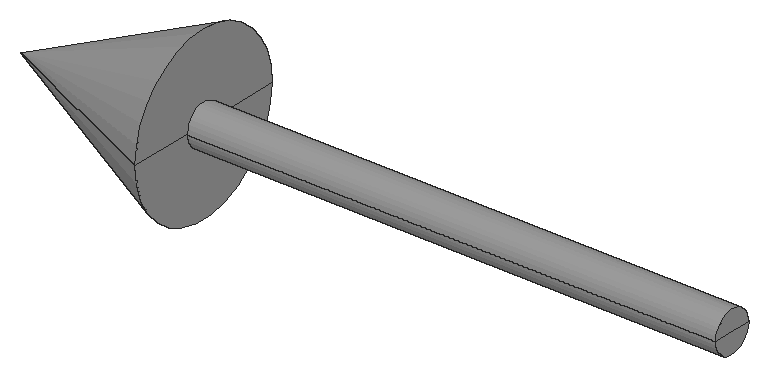
Revit family "NLRS_57_AIR_UN_airflow-arrow-open-end-round-duct-in_sacs", category Air Terminals, Revit 2021
Family settings
  Round Connector Dimension = Use Diameter
  Part Type = Normal
  Work Plane-Based = No
  Always vertical = Yes
  Cut with Voids When Loaded = No
  Shared = No
  Room Calculation Point = No
Parameters (values of type "Size 1")
  URL = "https://solid-air.nl/bim/"
  Size_multiplier = 1
  SACS_Show_Part_2 [instance] = not(SACS_Show_Part_1)  # no
  SACS_Show_Part_1 [instance] = SACS_Array_Count = 1  # yes
  SACS_Offset2 [instance] = SACS_Offset1 * 2  # 50 mm
  SACS_Offset1 [instance] = (NLRS_M_c01_diameter / SACS_Checked_Array_Count) / 2  # 25 mm
  SACS_Checked_Array_Count [instance] = if(SACS_Array_Count < 2, 2, SACS_Array_Count)  # 2
  SACS_Array_Count [instance] = NLRS_M_c01_diameter / (100 mm * Size_multiplier)  # 1
  NLRS_M_c01_diameter [instance] = 100 mm
  NLRS_M_c01_debiet [instance] = 0.0 L/s
  NLRS_C_model = "Airflow arrow - duct IN"  # constant formula
  NLRS_C_description = "Round open end, airflow duct IN"  # constant formula
  NLRS_C_content_versie = "1.21.01"  # constant formula
  NLRS_C_content_provider = "Solid Air Climate Systems"  # constant formula
  NLRS_C_content_datum_uitgifte = "28-05-2024"  # constant formula
  NLRS_C_content_creator = "J. Feeke"  # constant formula
  Model = "Airflow arrow - duct IN"  # constant formula
  Manufacturer = "Solid Air Climate Systems"  # constant formula
  IfcExportType = "OPEN END"  # constant formula
  IfcExportAs = "IfcAirTerminal"  # constant formula
  IfcDescription = Description  # "Round open end, airflow duct IN"
  Description = "Round open end, airflow duct IN"  # constant formula
  Default Elevation = 0 mm
  Assembly Code = "57.00"
Types (4, lengths in mm): name | Size_multiplier | SACS_Show_Part_2 | SACS_Show_Part_1 | SACS_Offset2 | SACS_Offset1 | SACS_Checked_Array_Count | SACS_Array_Count | NLRS_M_c01_diameter
  (no name) | 1 | no | yes | 50 | 25 | 2 | 1 | 100
  Size 1 | 1 | no | yes | 50 | 25 | 2 | 1 | 100
  Size 1.5 | 1.5 | yes | no | 157.5 | 78.75 | 4 | 4 | 630
  Size 2 | 2 | yes | no | 210 | 105 | 3 | 3 | 630
Reference planes
  plane 1 "Center (Front/Back)": y = 0
  plane 2: z = 0
  plane 3 "Center (Left/Right)": x = 0
  plane 4: y = -50
  plane 5: y = 50
  plane 6: y = -25
  plane 7: y = 25
Forms (mm)
  Extrusion 1, solid, not visible
    sketch origin (0, 0, 0) x (0, 1, 0) y (0, 0, 1)
      loop
        circle (0, 0) r 1
    from 0 to -1
  Extrusion 2, solid, material "SACS_Label", not visible
    sketch origin (-547.644, -297.937, 0) x (1, 0, 0) y (0, 1, 0)
      loop
        arc (542.644, 302.937) -> (537.644, 297.937) -> (542.644, 292.937) r 5
        line (542.644, 292.937) -> (542.644, 297.937) -> (547.644, 292.937) -> (547.644, 297.937) -> (542.644, 302.937)
    from 0 to 2
  Extrusion 3, solid, material "SACS_Label", not visible
    sketch origin (0, 0, 0) x (1, 0, 0) y (0, 1, 0)
      loop
        arc (5, -5) -> (10, 0) -> (5, 5) r 5
        line (5, 5) -> (5, 0) -> (0, 5) -> (0, 0) -> (5, -5)
    from 0 to 2
Dimensions and locks
  equal spacing: plane 5, plane 1 "Center (Front/Back)", plane 4
  "NLRS_M_c01_diameter": plane 5 to plane 4
  "SACS_Offset1": plane 6 to plane 4
  group 1 to group 2 = 0 mm  (x2)
  group 1 to group 2 = 50 mm
  "SACS_Offset2": plane 7 to plane 6
  aligned and locked: level to plane 2
  aligned and locked: Extrusion 1 to plane 3 "Center (Left/Right)"
  aligned and locked: level to nested 2
  aligned and locked: plane 3 "Center (Left/Right)" to nested 3
  aligned and locked: plane 1 "Center (Front/Back)" to nested 3
Automatic sketch dimensions
  Extrusion 1 sketch curve to level = 0 mm
  Extrusion 1 sketch curve to plane 1 "Center (Front/Back)" = 0 mm
  plane 1 "Center (Front/Back)" to Extrusion 2 sketch curve = 0 mm  (x3)
  Extrusion 2 sketch curve to plane 3 "Center (Left/Right)" = 0 mm
  Extrusion 2 sketch curve to plane 3 "Center (Left/Right)" = 5 mm
  Extrusion 2 sketch curve to Extrusion 2 sketch curve = 5 mm
  Extrusion 2 sketch curve to Extrusion 2 sketch curve = 0 mm
  plane 1 "Center (Front/Back)" to Extrusion 3 sketch curve = 0 mm  (x3)
  Extrusion 3 sketch curve to plane 3 "Center (Left/Right)" = 0 mm
  Extrusion 3 sketch curve to Extrusion 3 sketch curve = 5 mm  (x2)
  Extrusion 3 sketch curve to plane 1 "Center (Front/Back)" = 5 mm
  radius of Extrusion 1 sketch curve = 1 mm
Nested families
  nested 1: "Arrow_in" at (0, 0, 0), visible <- "SACS_Show_Part_1", type "Arrow_in"
  nested 2: "Arrow_in" at (0, 0, 0) x (1, 0, 0) z (0, -1, 0), type "Arrow_in"
  nested 3: "arrow_3d_in" at (0, 0, 0), visible <- "SACS_Show_Part_1", type "arrow_3d_in"
  nested 4: "Arrow_in" at (0, -25, 0), visible <- "SACS_Show_Part_2", type "Arrow_in"
  nested 5: "arrow_3d_in" at (0, -25, 0), visible <- "SACS_Show_Part_2", type "arrow_3d_in"
  nested 6: "Arrow_in" at (0, 25, 0), visible <- "SACS_Show_Part_2", type "Arrow_in"
  nested 7: "arrow_3d_in" at (0, 25, 0), visible <- "SACS_Show_Part_2", type "arrow_3d_in"
Connectors
  hvac at (0, 0, 0), driven by "NLRS_M_c01_diameter", driven by "NLRS_M_c01_debiet"
    settings: on Extrusion 1, index 1, duct flow 0.0 L/s, flow factor 0, pres drop 0.0 Pa, loss coef 0, conn angle 0.00°, conn width 304.8 mm, conn height 304.8 mm, conn diameter 100 mm, duct sys type 29, conn prof type 0, flow config 1, flow direction 2, loss method 4, conn ref index -1, conn util no, is conn primary yes, conn desc ""
Definition of nested family "arrow_3d_in"
  Parameters (values of type "arrow_3d_in")
    size_multiplier = 1
    dummy = 1  # constant formula
    Tail_Width = size_multiplier * 5 mm * dummy  # 5 mm
    Tail_End = size_multiplier * 130 mm * dummy  # 130 mm
    Head_Width = size_multiplier * 21 mm * dummy  # 21 mm
    Head_Start = size_multiplier * 25 mm * dummy  # 25 mm
    Head_End = size_multiplier * 45 mm * dummy  # 45 mm
    Default Elevation = 0 mm
  Reference planes
    plane 1 "Center (Front/Back)": y = 0
    plane 2: z = 0
    plane 3 "Center (Left/Right)": x = 0
    plane 4: x = 25
    plane 5: x = 200
    plane 6: x = 70
    plane 7: y = -21
    plane 8: y = -5
  Forms (mm)
    Extrusion 1, solid, not visible
      sketch origin (0, 0, 0) x (0, 1, 0) y (0, 0, 1)
        loop
          circle (0, 0) r 1
      from 0 to -1
    Extrusion 2, solid, not visible
      sketch origin (-547.644, -297.937, 0) x (1, 0, 0) y (0, 1, 0)
        loop
          arc (542.644, 302.937) -> (537.644, 297.937) -> (542.644, 292.937) r 5
          line (542.644, 292.937) -> (542.644, 297.937) -> (547.644, 292.937) -> (547.644, 297.937) -> (542.644, 302.937)
      from 0 to 2
    Extrusion 3, solid, not visible
      sketch origin (0, 0, 0) x (1, 0, 0) y (0, 1, 0)
        loop
          arc (5, -5) -> (10, 0) -> (5, 5) r 5
          line (5, 5) -> (5, 0) -> (0, 5) -> (0, 0) -> (5, -5)
      from 0 to 2
    Revolve 4, solid, detail levels medium+fine
      sketch origin (0, 0, 0) x (1, 0, 0) y (0, 1, 0)
        loop
          line (25, 0) -> (70, -21) -> (70, -5) -> (200, -5) -> (200, 0) -> (25, 0)
        axis (25, 0) -> (200, 0)
      angle from 0 to 360
  Dimensions and locks
    "Head_Start": plane 3 "Center (Left/Right)" to plane 4
    "Head_End": plane 4 to plane 6
    "Tail_Width": plane 8 to plane 1 "Center (Front/Back)"
    "Head_Width": plane 7 to plane 1 "Center (Front/Back)"
    "Tail_End": plane 6 to plane 5
    Extrusion 3 sketch curve to plane 1 "Center (Front/Back)" = 5 mm
    Extrusion 2 sketch curve to plane 1 "Center (Front/Back)" = 5 mm  (x2)
    radius of Extrusion 3 sketch curve = 5 mm
    radius of Extrusion 2 sketch curve = 5 mm
    aligned and locked: level to plane 2
    aligned and locked: Extrusion 1 to plane 3 "Center (Left/Right)"
    aligned and locked: plane 4 to Revolve 4 sketch curve
    aligned and locked: plane 5 to Revolve 4 sketch curve
    aligned and locked: plane 1 "Center (Front/Back)" to Revolve 4 sketch curve
    aligned and locked: Revolve 4 sketch curve to plane 8
    aligned and locked: Revolve 4 sketch curve to plane 5
    aligned and locked: Revolve 4 sketch curve to plane 6
    aligned and locked: plane 7 to Revolve 4 sketch curve
  Automatic sketch dimensions
    Extrusion 1 sketch curve to level = 0 mm
    Extrusion 1 sketch curve to plane 1 "Center (Front/Back)" = 0 mm
    plane 1 "Center (Front/Back)" to Extrusion 2 sketch curve = 0 mm  (x2)
    Extrusion 2 sketch curve to plane 3 "Center (Left/Right)" = 0 mm
    Extrusion 2 sketch curve to plane 3 "Center (Left/Right)" = 5 mm
    plane 1 "Center (Front/Back)" to Extrusion 3 sketch curve = 0 mm  (x2)
    Extrusion 3 sketch curve to plane 3 "Center (Left/Right)" = 0 mm
    Extrusion 3 sketch curve to Extrusion 3 sketch curve = 5 mm
    Extrusion 3 sketch curve to plane 1 "Center (Front/Back)" = 5 mm
    Revolve 4 sketch curve to plane 4 = 0 mm
    plane 1 "Center (Front/Back)" to Revolve 4 sketch curve = 0 mm
    radius of Extrusion 1 sketch curve = 1 mm
Definition of nested family "Arrow_in"
  Parameters (values of type "Arrow_in")
    size_multiplier = 1
    dummy = 1  # constant formula
    Tail_End = size_multiplier * 130 mm * dummy  # 130 mm
    Head_Width = size_multiplier * 21 mm * dummy  # 21 mm
    Head_Start = size_multiplier * 25 mm * dummy  # 25 mm
    Head_End = size_multiplier * 45 mm * dummy  # 45 mm
  Reference planes
    plane 1 "Center (Front/Back)": y = 0
    plane 2: z = 0
    plane 3 "Center (Left/Right)": x = 0
    plane 4: x = 200
    plane 5: y = 21
    plane 6: y = -21
    plane 7: x = 25
    plane 8: x = 70
  Lines and regions (mm)
    Filled region 1, type "Solid Fill - Black", in view "Ref. Level"
      outline origin (224.685, 0, 0) x (0, 1, 0) y (-1, 0, 0)
        loop
          line (0, 200) -> (-21.131, 154.685) -> (21.131, 154.685) -> (0, 200)
    detail lines, in view "Ref. Level"
      curve 1: line (200, 0, 0) -> (70, 0, 0)
  Dimensions and locks
    "Head_Start": plane 3 "Center (Left/Right)" to plane 7
    "Head_End": plane 7 to plane 8
    "Tail_End": plane 8 to plane 4
    "Head_Width": plane 5 to plane 1 "Center (Front/Back)" to plane 6
    aligned and locked: Filled region 1 sketch curve to plane 8
    aligned and locked: plane 8 to curve 1
    aligned and locked: plane 4 to curve 1
    aligned and locked: curve 1 to plane 1 "Center (Front/Back)"
  Automatic sketch dimensions
    plane 1 "Center (Front/Back)" to Filled region 1 sketch curve = 0 mm
    Filled region 1 sketch curve to plane 6 = 0.131 mm
    plane 5 to Filled region 1 sketch curve = 0.131 mm
    Filled region 1 sketch curve to plane 7 = 0.315 mm
